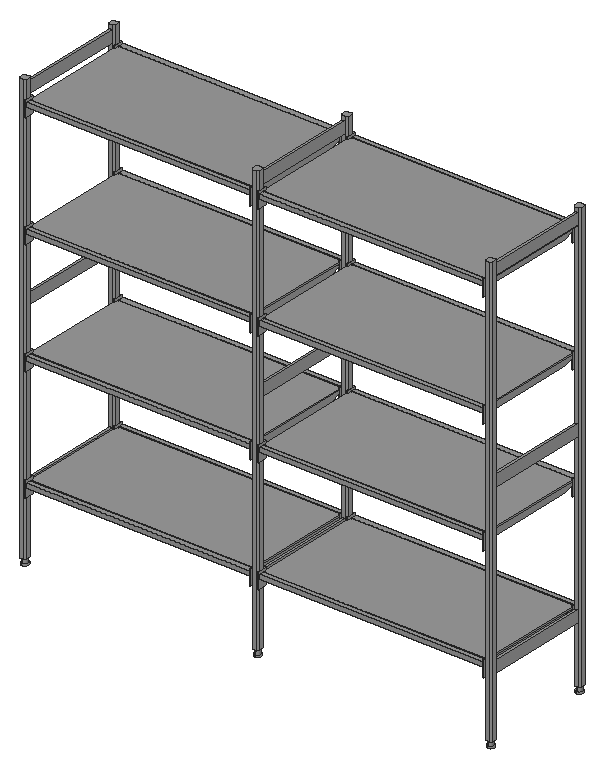
Revit family "QF_ZANUSSI_137042_BLS1872", category Attrezzature speciali, Revit 2020
Family settings
  Quota connettore circolare = Usa diametro
  Tipo di parte = Normale
  Basato su piano di lavoro = No
  Sempre verticale = Sì
  Taglio con vuoti quando caricato = No
  Condiviso = No
  Punto di calcolo locali = No
Parameters (values of type "Standard")
  Weight = 36.00 kg
  Watts = 0 W
  Volts = 0 V
  URL Manufacturer = "http://www.zanussiprofessional.com"
  URL = "http://www.zanussiprofessional.com"
  Steam Supply Size = 0 mm
  Steam Supply Minimum Pressure = 0.0 Pa
  Steam Supply Maximum Pressure = 0.0 Pa
  Steam Consumption per Hour = 0
  Refrigeration Suction Line Size = 0.0 mm
  Refrigeration Liquid Line Size = 0.0 mm
  Refrigerant Compressor Remote = yes
  Prospetto di default = 0.0 mm
  Phase = 0
  Modello = "BLS1872"
  Produttore = "Zanussi"
  Length Actual = 1872.0 mm  # constant formula
  Item Number = "137042"
  Hot Water Size = 0 mm
  Height Actual = 1700.0 mm  # constant formula
  HP = "0 HP"
  Gas Size = 0 mm
  Gas KW = 0
  Gas Input Pressure = 0 W
  Direct Waste Size = 0 mm
  Descrizione = "ALUM.LINEAR SHELV.-POLY.TIERS-475X1872MM"
  Depth Actual = 475.0 mm  # constant formula
  Cycle = 0 Hz
  Condensate Return Size = 0 mm
  Compressed Air Volume = 0.0 L/s
  Compressed Air Size = 0 mm
  Compressed Air Pressure = 0.0 Pa
  Cold Water Size = 0 mm
  Accessory = yes
Reference planes
  plane 1: z = 0
  plane 2 "CenterLeft": x = -31
  plane 3 "LEFT": x = -417
  plane 4 "BACK": y = 23
  plane 5 "FRONT": y = -452
  plane 6 "TOP": z = 1700
  plane 7: x = -385
  plane 8: x = 501
  plane 9 "Center (Front/Back)": y = -214.5
  plane 10: y = -8.5
  plane 11: y = -420.5
  plane 12 "FEET": z = 25
  plane 13: z = 275
  plane 14: z = 725
  plane 15: z = 1175
  plane 16: z = 1625
  plane 17 "CXLeft": x = -403
  plane 18 "Center (Left/Right)": x = 519
  plane 19: y = 5.5
  plane 20 "CYBack": y = 5.5
  plane 21 "CYFront": y = -434.5
  plane 22 "RIGHT": x = 1455
  plane 23: x = 1423
  plane 24 "CXRight": x = 1441
  plane 25: x = 537
Forms (mm)
  Extrusion 1, solid, material "QF_Aluminum"
    sketch origin (-417, 0, -4.006) x (0, 1, 0) y (0, 0, 1)
      loop
        line (-12, 1637.003) -> (4, 1637.003) -> (4, 1655) -> (2.007, 1655) -> (2.007, 1648.501) -> (-431, 1648.501) -> (-431, 1655) -> (-433, 1655) -> (-433, 1637.003) -> (-417, 1637.003) -> (-383, 1625) -> (-46, 1625) -> (-12, 1637.003)
      loop
        line (-12, 1187.003) -> (4, 1187.003) -> (4, 1205) -> (2.007, 1205) -> (2.007, 1198.501) -> (-431, 1198.501) -> (-431, 1205) -> (-433, 1205) -> (-433, 1187.003) -> (-417, 1187.003) -> (-383, 1175) -> (-46, 1175) -> (-12, 1187.003)
      loop
        line (-12, 737.003) -> (4, 737.003) -> (4, 755) -> (2.007, 755) -> (2.007, 748.501) -> (-431, 748.501) -> (-431, 755) -> (-433, 755) -> (-433, 737.003) -> (-417, 737.003) -> (-383, 725) -> (-46, 725) -> (-12, 737.003)
      loop
        line (-12, 287.003) -> (4, 287.003) -> (4, 305) -> (2.007, 305) -> (2.007, 298.501) -> (-431, 298.501) -> (-431, 305) -> (-433, 305) -> (-433, 287.003) -> (-417, 287.003) -> (-383, 275) -> (-46, 275) -> (-12, 287.003)
    from 37 to 32
  Extrusion 2, solid, material "QF_Aluminum"
    sketch origin (-417, 0, 0) x (0, 1, 0) y (0, 0, 1)
      loop
        line (23, 246.005) -> (23, 307.993) -> (-12.993, 307.993) -> (-12.993, 246.005) -> (23, 246.005)
      loop
        line (-452, 246.005) -> (-416.007, 246.005) -> (-416.007, 307.993) -> (-452, 307.993) -> (-452, 246.005)
      loop
        line (23, 696.005) -> (23, 757.993) -> (-12.993, 757.993) -> (-12.993, 696.005) -> (23, 696.005)
      loop
        line (-452, 696.005) -> (-416.007, 696.005) -> (-416.007, 757.993) -> (-452, 757.993) -> (-452, 696.005)
      loop
        line (23, 1146.005) -> (23, 1207.993) -> (-12.993, 1207.993) -> (-12.993, 1146.005) -> (23, 1146.005)
      loop
        line (-452, 1146.005) -> (-416.007, 1146.005) -> (-416.007, 1207.993) -> (-452, 1207.993) -> (-452, 1146.005)
      loop
        line (23, 1596.005) -> (23, 1657.993) -> (-12.993, 1657.993) -> (-12.993, 1596.005) -> (23, 1596.005)
      loop
        line (-452, 1596.005) -> (-416.007, 1596.005) -> (-416.007, 1657.993) -> (-452, 1657.993) -> (-452, 1596.005)
    from 28 to 32
  Extrusion 3, solid, material "QF_Aluminum"
    sketch origin (-417, 0, 0) x (0, 1, 0) y (0, 0, 1)
      loop
        line (4, 1650.994) -> (4, 1632.998) -> (23, 1632.998) -> (23, 1650.994) -> (4, 1650.994)
      loop
        line (-433, 1650.994) -> (-452, 1650.994) -> (-452, 1632.998) -> (-433, 1632.998) -> (-433, 1650.994)
      loop
        line (4, 1200.994) -> (4, 1182.998) -> (23, 1182.998) -> (23, 1200.994) -> (4, 1200.994)
      loop
        line (-433, 1200.994) -> (-452, 1200.994) -> (-452, 1182.998) -> (-433, 1182.998) -> (-433, 1200.994)
      loop
        line (4, 750.994) -> (4, 732.998) -> (23, 732.998) -> (23, 750.994) -> (4, 750.994)
      loop
        line (-433, 750.994) -> (-452, 750.994) -> (-452, 732.998) -> (-433, 732.998) -> (-433, 750.994)
      loop
        line (4, 300.994) -> (4, 282.998) -> (23, 282.998) -> (23, 300.994) -> (4, 300.994)
      loop
        line (-433, 300.994) -> (-452, 300.994) -> (-452, 282.998) -> (-433, 282.998) -> (-433, 300.994)
    from 32 to 918
  Extrusion 4, solid, material "QF_Polyethylene"
    sketch origin (-417, 0, 0) x (0, 1, 0) y (0, 0, 1)
      loop
        line (2.007, 1650.994) -> (-431, 1650.994) -> (-431, 1644.496) -> (2.007, 1644.496) -> (2.007, 1650.994)
      loop
        line (2.007, 1200.994) -> (-431, 1200.994) -> (-431, 1194.496) -> (2.007, 1194.496) -> (2.007, 1200.994)
      loop
        line (2.007, 750.994) -> (-431, 750.994) -> (-431, 744.496) -> (2.007, 744.496) -> (2.007, 750.994)
      loop
        line (2.007, 300.994) -> (-431, 300.994) -> (-431, 294.496) -> (2.007, 294.496) -> (2.007, 300.994)
    from 32 to 918
  Extrusion 5, solid, material "QF_Aluminum"
    sketch origin (1455, 0, 0) x (0, 1, 0) y (0, 0, 1)
      loop
        line (4, 1650.994) -> (4, 1632.998) -> (23, 1632.998) -> (23, 1650.994) -> (4, 1650.994)
      loop
        line (-433, 1650.994) -> (-452, 1650.994) -> (-452, 1632.998) -> (-433, 1632.998) -> (-433, 1650.994)
      loop
        line (4, 1200.994) -> (4, 1182.998) -> (23, 1182.998) -> (23, 1200.994) -> (4, 1200.994)
      loop
        line (-433, 1200.994) -> (-452, 1200.994) -> (-452, 1182.998) -> (-433, 1182.998) -> (-433, 1200.994)
      loop
        line (4, 750.994) -> (4, 732.998) -> (23, 732.998) -> (23, 750.994) -> (4, 750.994)
      loop
        line (-433, 750.994) -> (-452, 750.994) -> (-452, 732.998) -> (-433, 732.998) -> (-433, 750.994)
      loop
        line (4, 300.994) -> (4, 282.998) -> (23, 282.998) -> (23, 300.994) -> (4, 300.994)
      loop
        line (-433, 300.994) -> (-452, 300.994) -> (-452, 282.998) -> (-433, 282.998) -> (-433, 300.994)
    from -32 to -918
  Extrusion 6, solid, material "QF_Polyethylene"
    sketch origin (1455, 0, 0) x (0, 1, 0) y (0, 0, 1)
      loop
        line (2.007, 1650.994) -> (-431, 1650.994) -> (-431, 1644.496) -> (2.007, 1644.496) -> (2.007, 1650.994)
      loop
        line (2.007, 1200.994) -> (-431, 1200.994) -> (-431, 1194.496) -> (2.007, 1194.496) -> (2.007, 1200.994)
      loop
        line (2.007, 750.994) -> (-431, 750.994) -> (-431, 744.496) -> (2.007, 744.496) -> (2.007, 750.994)
      loop
        line (2.007, 300.994) -> (-431, 300.994) -> (-431, 294.496) -> (2.007, 294.496) -> (2.007, 300.994)
    from -32 to -918
Lines and regions (mm)
  symbolic lines
    curve 1: line (501, 4, 1700) -> (-385, 4, 1700)
    curve 2: line (-408, -8.5, 1700) -> (-408, -420.5, 1700)
    curve 3: line (-398, -420.5, 1700) -> (-398, -8.5, 1700)
    curve 4: line (-389, 23, 1700) -> (505, 23, 1700)
    curve 5: line (-385, -452, 1700) -> (501, -452, 1700)
    curve 6: line (533, 23, 1700) -> (1427, 23, 1700)
    curve 7: line (533, -452, 1700) -> (1427, -452, 1700)
    curve 8: line (-385, -433, 1700) -> (501, -433, 1700)
    curve 9: line (537, -433, 1700) -> (1423, -433, 1700)
    curve 10: line (537, 4, 1700) -> (1423, 4, 1700)
    curve 11: line (1423, -12.993, 1700) -> (1423, -416.007, 1700)
    curve 12: line (501, -12.993, 1700) -> (501, -416.007, 1700)
    curve 13: line (537, -416.007, 1700) -> (537, -12.993, 1700)
    curve 14: line (-385, -12.993, 1700) -> (-385, -416.007, 1700)
Dimensions and locks
  plane 3 "LEFT" to plane 2 "CenterLeft" = 386.0 mm
  locked: plane 6 "TOP" to level at 1700
  locked: plane 4 "BACK" to plane 5 "FRONT" at 475
  locked: plane 7 to plane 8 at 886
  locked: plane 10 to plane 11 at 412
  equal spacing: plane 10, plane 9 "Center (Front/Back)", plane 11
  equal spacing: plane 4 "BACK", plane 9 "Center (Front/Back)", plane 5 "FRONT"
  plane 12 "FEET" to level = 25.0 mm
  plane 6 "TOP" to plane 12 "FEET" = 1675.0 mm
  plane 13 to plane 12 "FEET" = 250.0 mm
  plane 14 to plane 13 = 450.0 mm
  plane 15 to plane 14 = 450.0 mm
  plane 16 to plane 15 = 450.0 mm
  locked: plane 4 "BACK" to plane 20 "CYBack" at 17.5
  locked: plane 21 "CYFront" to plane 5 "FRONT" at 17.5
  locked: plane 4 "BACK" to Extrusion 1 at 19
  locked: Extrusion 1 to plane 5 "FRONT" at 19
  Extrusion 1 sketch curve to plane 21 "CYFront" = 3.5 mm
  plane 3 "LEFT" to plane 22 "RIGHT" = 1872.0 mm
  locked: plane 25 to plane 23 at 886
  locked: plane 8 to plane 18 "Center (Left/Right)" at 18
  locked: plane 18 "Center (Left/Right)" to plane 25 at 18
  locked: plane 3 "LEFT" to plane 7 at 32
  locked: plane 24 "CXRight" to plane 22 "RIGHT" at 14
  aligned and locked: level to plane 1
  aligned and locked: plane 7 to Extrusion 1
  aligned and locked: Extrusion 2 to plane 7
  aligned and locked: plane 7 to Extrusion 4
  aligned and locked: Extrusion 4 to plane 8
  aligned and locked: plane 7 to Extrusion 3
  aligned and locked: Extrusion 3 to plane 8
  aligned and locked: Extrusion 3 sketch curve to Extrusion 1
  aligned and locked: Extrusion 1 to Extrusion 3 sketch curve
  aligned and locked: Extrusion 3 sketch curve to Extrusion 3 sketch curve  (x2)
  aligned and locked: Extrusion 1 sketch curve to Extrusion 1 sketch curve  (x3)
  aligned and locked: Extrusion 4 sketch curve to Extrusion 1  (x4)
  aligned and locked: Extrusion 5 sketch curve to Extrusion 5 sketch curve  (x2)
  aligned and locked: Extrusion 5 to plane 25
  aligned and locked: Extrusion 6 to plane 25
  aligned and locked: nested 3 to plane 18 "Center (Left/Right)"
  aligned and locked: nested 1 to plane 17 "CXLeft"
  aligned and locked: Extrusion 3 to plane 7  (x3)
  aligned and locked: plane 8 to Extrusion 3  (x4)
  aligned and locked: plane 25 to Extrusion 5  (x4)
  aligned and locked: plane 25 to Extrusion 6  (x4)
  aligned and locked: plane 8 to Extrusion 4  (x4)
  aligned and locked: nested 2 to plane 24 "CXRight"
  aligned and locked: Extrusion 5 to plane 23
  aligned and locked: Extrusion 6 to plane 23
  aligned and locked: plane 23 to Extrusion 5  (x3)
  aligned and locked: plane 23 to Extrusion 6  (x3)
Automatic sketch dimensions
  plane 21 "CYFront" to Extrusion 1 sketch curve = 1.5 mm  (x4)
  plane 11 to Extrusion 1 sketch curve = 3.5 mm  (x4)
  Extrusion 1 sketch curve to plane 13 = 4.006 mm
  Extrusion 1 sketch curve to Extrusion 1 sketch curve = 34.0 mm  (x4)
  Extrusion 1 sketch curve to plane 14 = 4.006 mm
  Extrusion 1 sketch curve to plane 15 = 4.006 mm
  Extrusion 1 sketch curve to plane 16 = 4.006 mm
  Extrusion 1 sketch curve to plane 10 = 37.5 mm  (x4)
  Extrusion 1 sketch curve to plane 10 = 3.5 mm  (x4)
  plane 19 to Extrusion 1 sketch curve = 3.493 mm  (x4)
  plane 19 to Extrusion 1 sketch curve = 1.5 mm  (x4)
  plane 13 to Extrusion 1 sketch curve = 7.998 mm  (x2)
  Extrusion 1 sketch curve to Extrusion 1 sketch curve = 11.498 mm  (x4)
  Extrusion 1 sketch curve to Extrusion 1 sketch curve = 6.499 mm  (x8)
  plane 14 to Extrusion 1 sketch curve = 7.998 mm  (x2)
  plane 15 to Extrusion 1 sketch curve = 7.998 mm  (x2)
  plane 16 to Extrusion 1 sketch curve = 7.998 mm  (x2)
  Extrusion 2 sketch curve to plane 5 "FRONT" = 0.0 mm  (x4)
  Extrusion 2 sketch curve to plane 4 "BACK" = 0.0 mm  (x4)
  plane 11 to Extrusion 2 sketch curve = 4.493 mm  (x4)
  Extrusion 2 sketch curve to plane 10 = 4.493 mm  (x4)
  Extrusion 2 sketch curve to plane 13 = 28.995 mm  (x2)
  plane 13 to Extrusion 2 sketch curve = 32.993 mm  (x2)
  Extrusion 2 sketch curve to plane 14 = 28.995 mm  (x2)
  plane 14 to Extrusion 2 sketch curve = 32.993 mm  (x2)
  Extrusion 2 sketch curve to plane 15 = 28.995 mm  (x2)
  plane 15 to Extrusion 2 sketch curve = 32.993 mm  (x2)
  Extrusion 2 sketch curve to plane 16 = 28.995 mm  (x2)
  plane 16 to Extrusion 2 sketch curve = 32.993 mm  (x2)
  Extrusion 3 sketch curve to plane 5 "FRONT" = 0.0 mm  (x4)
  Extrusion 3 sketch curve to plane 4 "BACK" = 0.0 mm  (x4)
  plane 19 to Extrusion 3 sketch curve = 1.5 mm  (x4)
  plane 13 to Extrusion 3 sketch curve = 7.998 mm  (x2)
  Extrusion 3 sketch curve to Extrusion 3 sketch curve = 17.997 mm  (x8)
  plane 14 to Extrusion 3 sketch curve = 7.998 mm  (x2)
  plane 15 to Extrusion 3 sketch curve = 7.998 mm  (x2)
  plane 16 to Extrusion 3 sketch curve = 7.998 mm  (x2)
  plane 19 to Extrusion 4 sketch curve = 3.493 mm  (x4)
  plane 13 to Extrusion 4 sketch curve = 19.496 mm
  Extrusion 4 sketch curve to Extrusion 4 sketch curve = 6.499 mm  (x4)
  plane 14 to Extrusion 4 sketch curve = 19.496 mm
  plane 15 to Extrusion 4 sketch curve = 19.496 mm
  plane 16 to Extrusion 4 sketch curve = 19.496 mm
  Extrusion 5 sketch curve to plane 5 "FRONT" = 0.0 mm  (x4)
  Extrusion 5 sketch curve to plane 4 "BACK" = 0.0 mm  (x4)
  plane 21 "CYFront" to Extrusion 5 sketch curve = 1.5 mm  (x2)
  plane 19 to Extrusion 5 sketch curve = 1.5 mm  (x4)
  plane 13 to Extrusion 5 sketch curve = 7.998 mm  (x2)
  Extrusion 5 sketch curve to Extrusion 5 sketch curve = 17.997 mm  (x8)
  plane 14 to Extrusion 5 sketch curve = 7.998 mm  (x2)
  plane 15 to Extrusion 5 sketch curve = 7.998 mm  (x2)
  plane 16 to Extrusion 5 sketch curve = 7.998 mm  (x2)
  plane 21 "CYFront" to Extrusion 6 sketch curve = 3.5 mm  (x4)
  plane 19 to Extrusion 6 sketch curve = 3.493 mm  (x4)
  plane 13 to Extrusion 6 sketch curve = 19.496 mm
  Extrusion 6 sketch curve to Extrusion 6 sketch curve = 6.499 mm  (x4)
  plane 14 to Extrusion 6 sketch curve = 19.496 mm
  plane 15 to Extrusion 6 sketch curve = 19.496 mm
  plane 16 to Extrusion 6 sketch curve = 19.496 mm
  curve 7 to plane 5 "FRONT" = 0.0 mm
  curve 5 to plane 5 "FRONT" = 0.0 mm
  curve 8 to plane 8 = 0.0 mm
  curve 9 to plane 25 = 0.0 mm
  curve 9 to plane 23 = 0.0 mm
  curve 8 to plane 7 = 0.0 mm
  curve 2 to plane 11 = 0.0 mm
  curve 3 to plane 11 = 0.0 mm
  curve 14 to plane 7 = 0.0 mm
  curve 13 to plane 25 = 0.0 mm
  curve 12 to plane 8 = 0.0 mm
  curve 11 to plane 23 = 0.0 mm
  curve 3 to plane 10 = 0.0 mm
  curve 2 to plane 10 = 0.0 mm
  curve 1 to plane 8 = 0.0 mm
  curve 1 to plane 7 = 0.0 mm
  curve 10 to plane 23 = 0.0 mm
  curve 10 to plane 25 = 0.0 mm
  curve 4 to plane 4 "BACK" = 0.0 mm
  curve 6 to plane 4 "BACK" = 0.0 mm
  curve 5 to plane 8 = 0.0 mm
  curve 5 to plane 7 = 0.0 mm
  plane 21 "CYFront" to curve 8 = 1.5 mm
  plane 21 "CYFront" to curve 9 = 1.5 mm
  plane 11 to curve 14 = 4.493 mm
  plane 11 to curve 13 = 4.493 mm
  plane 11 to curve 12 = 4.493 mm
  plane 11 to curve 11 = 4.493 mm
  curve 14 to plane 10 = 4.493 mm
  curve 13 to plane 10 = 4.493 mm
  curve 12 to plane 10 = 4.493 mm
  curve 11 to plane 10 = 4.493 mm
  plane 19 to curve 1 = 1.5 mm
  plane 19 to curve 10 = 1.5 mm
  curve 6 to plane 23 = 4.0 mm
  curve 7 to plane 23 = 4.0 mm
  curve 6 to plane 25 = 4.0 mm
  curve 7 to plane 25 = 4.0 mm
  curve 4 to plane 8 = 4.0 mm
  plane 7 to curve 4 = 4.0 mm
  plane 17 "CXLeft" to curve 3 = 5.0 mm
  curve 2 to plane 17 "CXLeft" = 5.0 mm
Nested families
  nested 1: "WT_Anta475" at (0, 0, 0), type "WT_Anta475"
  nested 2: "WT_Anta475" at (1038, 0, 0) x (-1, 0, 0) z (0, 0, 1), type "WT_Anta475"
  nested 3: "WT_Anta475Center" at (922, 0, 0), type "WT_Anta475Center"
Definition of nested family "WT_Anta475"
  Parameters
    WidthLeft = A + 64.0 mm  # 772.0 mm
    Width = 1606.0 mm
    Right = WidthLeft / 2  # 386.0 mm
    Default Elevation = 0.0 mm
    Left = -WidthLeft / 2  # -386.0 mm
    Height = 1725.0 mm
    FEET = 25.0 mm
    E = 0.0 mm
    Dint = Depth - 63.0 mm  # 412.0 mm
    Dext = Depth - 8.0 mm  # 467.0 mm
    Depth = 475.0 mm
    DX = (WidthLeft - A) / 2  # 32.0 mm
    B = 798.0 mm
    A = 708.0 mm
  Reference planes
    plane 1: z = 0
    plane 2 "LEFT": x = -417
    plane 3 "BACK": y = 23
    plane 4 "FRONT": y = -452
    plane 5 "TOP": z = 1725
    plane 6 "Center (Front/Back)": y = -214.5
    plane 7: y = -8.5
    plane 8: y = -420.5
    plane 9 "FEET": z = 25
    plane 10: z = 275
    plane 11: z = 725
    plane 12: z = 1175
    plane 13: z = 1625
    plane 14 "CXLeft": x = -403
    plane 15: y = 5.5
    plane 16 "CYBack": y = 5.5
    plane 17 "CYFront": y = -434.5
    plane 18: x = -385.031
    plane 19: x = -380.031
  Forms (mm)
    Extrusion 1, solid
      sketch origin (0, 0, 0) x (1, 0, 0) y (0, 1, 0)
        loop
          line (-417, 13.246) -> (-417, -2.246) -> (-410.746, -8.5) -> (-395.254, -8.5) -> (-389, -2.246) -> (-389, 13.246) -> (-395.254, 19.5) -> (-410.746, 19.5) -> (-417, 13.246)
      from 1725 to 25
    Extrusion 2, solid
      sketch origin (-417, 0, 0) x (0, 1, 0) y (0, 0, 1)
        loop
          line (23, 246.005) -> (23, 307.993) -> (-12.993, 307.993) -> (-12.993, 246.005) -> (23, 246.005)
        loop
          line (-452, 246.005) -> (-416.007, 246.005) -> (-416.007, 307.993) -> (-452, 307.993) -> (-452, 246.005)
        loop
          line (23, 696.005) -> (23, 757.993) -> (-12.993, 757.993) -> (-12.993, 696.005) -> (23, 696.005)
        loop
          line (-452, 696.005) -> (-416.007, 696.005) -> (-416.007, 757.993) -> (-452, 757.993) -> (-452, 696.005)
        loop
          line (23, 1146.005) -> (23, 1207.993) -> (-12.993, 1207.993) -> (-12.993, 1146.005) -> (23, 1146.005)
        loop
          line (-452, 1146.005) -> (-416.007, 1146.005) -> (-416.007, 1207.993) -> (-452, 1207.993) -> (-452, 1146.005)
        loop
          line (23, 1596.005) -> (23, 1657.993) -> (-12.993, 1657.993) -> (-12.993, 1596.005) -> (23, 1596.005)
        loop
          line (-452, 1596.005) -> (-416.007, 1596.005) -> (-416.007, 1657.993) -> (-452, 1657.993) -> (-452, 1596.005)
      from 28 to 32
    Revolve 3, solid
      sketch origin (-403, 0, 0) x (0, 1, 0) y (0, 0, 1)
        loop
          line (5.5, 25) -> (5.5, 0) -> (19, 0) -> (19, 5) -> (14, 5) -> (14, 25) -> (5.5, 25)
        axis (5.5, 25) -> (5.5, 0)
      angle from 0 to 360
    Extrusion 4, solid
      sketch origin (-403, 0, 0) x (0, 1, 0) y (0, 0, 1)
        loop
          line (-8.5, 912.382) -> (-8.5, 957.374) -> (-420.5, 957.374) -> (-420.5, 912.382) -> (-8.5, 912.382)
        loop
          line (-8.5, 1662.244) -> (-8.5, 1707.236) -> (-420.5, 1707.236) -> (-420.5, 1662.244) -> (-8.5, 1662.244)
      from -5 to 5
    Revolve 5, solid
      sketch origin (-403, -627, 0) x (0, -1, 0) y (0, 0, 1)
        loop
          line (-192.5, 25) -> (-192.5, 0) -> (-179, 0) -> (-179, 5) -> (-184, 5) -> (-184, 25) -> (-192.5, 25)
        axis (-192.5, 25) -> (-192.5, 0)
      angle from 0 to 360
    Extrusion 6, solid
      sketch origin (0, -627, 0) x (1, 0, 0) y (0, 1, 0)
        loop
          line (-417, 184.754) -> (-410.746, 178.5) -> (-395.254, 178.5) -> (-389, 184.754) -> (-389, 200.246) -> (-395.254, 206.5) -> (-410.746, 206.5) -> (-417, 200.246) -> (-417, 184.754)
      from 1725 to 25
    Extrusion 7, solid
      sketch origin (-417.031, -0.022, 0) x (0, 1, 0) y (0, 0, -1)
        loop
          line (-12, -1632.998) -> (-46, -1620.994) -> (-383, -1620.994) -> (-417, -1632.998) -> (-433, -1632.998) -> (-433, -1650.994) -> (-431, -1650.994) -> (-431, -1644.496) -> (2.007, -1644.496) -> (2.007, -1650.994) -> (4, -1650.994) -> (4, -1632.998) -> (-12, -1632.998)
        loop
          line (-12, -1182.998) -> (-46, -1170.994) -> (-383, -1170.994) -> (-417, -1182.998) -> (-433, -1182.998) -> (-433, -1200.994) -> (-431, -1200.994) -> (-431, -1194.496) -> (2.007, -1194.496) -> (2.007, -1200.994) -> (4, -1200.994) -> (4, -1182.998) -> (-12, -1182.998)
        loop
          line (-12, -732.998) -> (-46, -720.994) -> (-383, -720.994) -> (-417, -732.998) -> (-433, -732.998) -> (-433, -750.994) -> (-431, -750.994) -> (-431, -744.496) -> (2.007, -744.496) -> (2.007, -750.994) -> (4, -750.994) -> (4, -732.998) -> (-12, -732.998)
        loop
          line (-12, -282.998) -> (-46, -270.994) -> (-383, -270.994) -> (-417, -282.998) -> (-433, -282.998) -> (-433, -300.994) -> (-431, -300.994) -> (-431, -294.496) -> (2.007, -294.496) -> (2.007, -300.994) -> (4, -300.994) -> (4, -282.998) -> (-12, -282.998)
      from -32 to -37
    Extrusion 8, solid
      sketch origin (-403, 0, -659.878) x (0, 1, 0) y (0, 0, 1)
        loop
          line (-8.5, 912.382) -> (-8.5, 957.374) -> (-420.5, 957.374) -> (-420.5, 912.382) -> (-8.5, 912.382)
        loop
          line (-8.5, 1572.382) -> (-8.5, 1617.374) -> (-420.5, 1617.374) -> (-420.5, 1572.382) -> (-8.5, 1572.382)
        loop
          line (-8.5, 2322.382) -> (-8.5, 2367.374) -> (-420.5, 2367.374) -> (-420.5, 2322.382) -> (-8.5, 2322.382)
      from -5 to 5
  Lines and regions (mm)
    symbolic lines
      curve 1: line (-408, -8.5, 1725) -> (-408, -420.5, 1725)
      curve 2: line (-398, -420.5, 1725) -> (-398, -8.5, 1725)
      curve 3: line (-395.254, -8.5, 1725) -> (-410.746, -8.5, 1725)
      curve 4: line (-417, -2.246, 1725) -> (-410.746, -8.5, 1725)
      curve 5: line (-417, 13.246, 1725) -> (-417, -2.246, 1725)
      curve 6: line (-410.746, 19.5, 1725) -> (-417, 13.246, 1725)
      curve 7: line (-395.254, 19.5, 1725) -> (-410.746, 19.5, 1725)
      curve 8: line (-389, 13.246, 1725) -> (-395.254, 19.5, 1725)
      curve 9: line (-395.254, -8.5, 1725) -> (-389, -2.246, 1725)
      curve 10: line (-395.254, -420.5, 1725) -> (-410.746, -420.5, 1725)
      curve 11: line (-417, -426.754, 1725) -> (-410.746, -420.5, 1725)
      curve 12: line (-410.746, -448.5, 1725) -> (-417, -442.246, 1725)
      curve 13: line (-395.254, -448.5, 1725) -> (-410.746, -448.5, 1725)
      curve 14: line (-389, -442.246, 1725) -> (-395.254, -448.5, 1725)
      curve 15: line (-395.254, -420.5, 1725) -> (-389, -426.754, 1725)
      curve 16: line (-389, -452, 1725) -> (-389, -416.007, 1725)
      curve 17: line (-389, -416.007, 1725) -> (-385, -416.007, 1725)
      curve 18: line (-389, 23, 1725) -> (-389, -12.993, 1725)
      curve 19: line (-389, -12.993, 1725) -> (-385, -12.993, 1725)
      curve 20: line (-417, -426.754, 1725) -> (-417, -442.246, 1725)
      curve 21: line (-385, -452, 1725) -> (-385, -416.007, 1725)
      curve 22: line (-385, -452, 1725) -> (-389, -452, 1725)
      curve 23: line (-385, 23, 1725) -> (-389, 23, 1725)
      curve 24: line (-385, -12.993, 1725) -> (-385, 23, 1725)
      curve 25: line (-385.031, -13.016, 1725) -> (-385.031, -416.029, 1725)
  Dimensions and locks
    "Height": plane 5 "TOP" to level
    "Depth": plane 3 "BACK" to plane 4 "FRONT"
    "Dint": plane 7 to plane 8
    equal spacing: plane 7, plane 6 "Center (Front/Back)", plane 8
    equal spacing: plane 3 "BACK", plane 6 "Center (Front/Back)", plane 4 "FRONT"
    plane 9 "FEET" to level = 25.0 mm
    plane 5 "TOP" to plane 9 "FEET" = 1700.0 mm
    plane 10 to plane 9 "FEET" = 250.0 mm
    plane 11 to plane 10 = 450.0 mm
    plane 12 to plane 11 = 450.0 mm
    plane 13 to plane 12 = 450.0 mm
    locked: plane 2 "LEFT" to plane 14 "CXLeft" at 14
    locked: plane 3 "BACK" to plane 16 "CYBack" at 17.5
    locked: plane 17 "CYFront" to plane 4 "FRONT" at 17.5
    locked: Revolve 3 sketch curve to Revolve 3 sketch curve at 8.5
    locked: Revolve 3 sketch curve to plane 16 "CYBack" at 13.5
    locked: Revolve 5 sketch curve to Revolve 5 sketch curve at 8.5
    aligned and locked: level to plane 1
    aligned and locked: curve 20 to Extrusion 6
    aligned and locked: plane 5 "TOP" to Extrusion 1
    aligned and locked: plane 5 "TOP" to Extrusion 6
    aligned and locked: Extrusion 7 sketch curve to Extrusion 7 sketch curve  (x3)
  Automatic sketch dimensions
    curve 16 to plane 4 "FRONT" = 0.0 mm
    curve 11 to plane 8 = 0.0 mm
    curve 9 to plane 7 = 0.0 mm
    curve 5 to plane 2 "LEFT" = 0.0 mm
    curve 23 to plane 3 "BACK" = 0.0 mm
    plane 4 "FRONT" to curve 13 = 3.5 mm
    curve 20 to plane 17 "CYFront" = 7.746 mm
    curve 20 to plane 8 = 6.254 mm
    plane 8 to curve 16 = 4.493 mm
    curve 24 to plane 18 = 0.031 mm
    curve 24 to plane 7 = 4.493 mm
    plane 7 to curve 5 = 6.254 mm
    curve 5 to plane 15 = 7.746 mm
    curve 6 to plane 3 "BACK" = 3.5 mm
    curve 21 to plane 18 = 0.031 mm
    plane 18 to curve 23 = 3.969 mm
    plane 18 to curve 16 = 3.969 mm
    curve 18 to curve 8 = 6.254 mm
    curve 18 to curve 3 = 6.254 mm
    curve 16 to curve 13 = 6.254 mm
    curve 16 to curve 15 = 6.254 mm
    plane 2 "LEFT" to curve 10 = 6.254 mm
    plane 2 "LEFT" to curve 7 = 6.254 mm
    plane 2 "LEFT" to curve 12 = 6.254 mm
    plane 2 "LEFT" to curve 3 = 6.254 mm
    curve 14 to plane 17 "CYFront" = 7.746 mm
    curve 15 to plane 8 = 6.254 mm
    plane 7 to curve 9 = 6.254 mm
    curve 8 to plane 15 = 7.746 mm
    curve 3 to curve 2 = 2.746 mm
    curve 1 to curve 10 = 2.746 mm
    Extrusion 1 sketch curve to plane 2 "LEFT" = 0.0 mm
    Extrusion 1 sketch curve to plane 7 = 0.0 mm
    plane 2 "LEFT" to Extrusion 1 sketch curve = 6.254 mm  (x2)
    plane 14 "CXLeft" to Extrusion 1 sketch curve = 7.746 mm  (x2)
    Extrusion 1 sketch curve to plane 3 "BACK" = 3.5 mm
    plane 18 to Extrusion 1 sketch curve = 3.969 mm
    plane 7 to Extrusion 1 sketch curve = 6.254 mm  (x2)
    Extrusion 1 sketch curve to plane 15 = 7.746 mm  (x2)
    Extrusion 2 sketch curve to plane 4 "FRONT" = 0.0 mm  (x4)
    Extrusion 2 sketch curve to plane 3 "BACK" = 0.0 mm  (x4)
    plane 8 to Extrusion 2 sketch curve = 4.493 mm  (x4)
    Extrusion 2 sketch curve to plane 7 = 4.493 mm  (x4)
    Extrusion 2 sketch curve to plane 10 = 28.995 mm  (x2)
    plane 10 to Extrusion 2 sketch curve = 32.993 mm  (x2)
    Extrusion 2 sketch curve to plane 11 = 28.995 mm  (x2)
    plane 11 to Extrusion 2 sketch curve = 32.993 mm  (x2)
    Extrusion 2 sketch curve to plane 12 = 28.995 mm  (x2)
    plane 12 to Extrusion 2 sketch curve = 32.993 mm  (x2)
    Extrusion 2 sketch curve to plane 13 = 28.995 mm  (x2)
    plane 13 to Extrusion 2 sketch curve = 32.993 mm  (x2)
    Revolve 3 sketch curve to plane 9 "FEET" = 0.0 mm  (x2)
    Revolve 3 sketch curve to plane 15 = 0.0 mm  (x2)
    Revolve 3 sketch curve to level = 0.0 mm
    level to Revolve 3 sketch curve = 5.0 mm
    Revolve 3 sketch curve to Revolve 3 sketch curve = 11.655 mm
    Extrusion 4 sketch curve to plane 8 = 0.0 mm  (x2)
    Extrusion 4 sketch curve to plane 7 = 0.0 mm  (x2)
    plane 11 to Extrusion 4 sketch curve = 187.382 mm
    Extrusion 4 sketch curve to Extrusion 4 sketch curve = 44.992 mm
    plane 13 to Extrusion 4 sketch curve = 37.244 mm
    Extrusion 4 sketch curve to plane 5 "TOP" = 17.764 mm
    Revolve 5 sketch curve to plane 9 "FEET" = 0.0 mm  (x2)
    Revolve 5 sketch curve to plane 17 "CYFront" = 0.0 mm  (x2)
    Revolve 5 sketch curve to level = 0.0 mm
    Revolve 5 sketch curve to plane 4 "FRONT" = 4.0 mm
    Revolve 5 sketch curve to Revolve 5 sketch curve = 5.0 mm
    level to Revolve 5 sketch curve = 11.655 mm
    Extrusion 6 sketch curve to plane 2 "LEFT" = 0.0 mm
    Extrusion 6 sketch curve to plane 8 = 0.0 mm
    Extrusion 6 sketch curve to plane 2 "LEFT" = 6.254 mm  (x2)
    Extrusion 6 sketch curve to plane 14 "CXLeft" = 7.746 mm  (x2)
    Extrusion 6 sketch curve to plane 4 "FRONT" = 3.5 mm
    Extrusion 6 sketch curve to plane 18 = 3.969 mm
    plane 8 to Extrusion 6 sketch curve = 6.254 mm  (x2)
    plane 17 "CYFront" to Extrusion 6 sketch curve = 7.746 mm  (x2)
    plane 17 "CYFront" to Extrusion 7 sketch curve = 1.478 mm  (x4)
    Extrusion 7 sketch curve to Extrusion 7 sketch curve = 2.0 mm
    plane 8 to Extrusion 7 sketch curve = 3.478 mm  (x4)
    Extrusion 7 sketch curve to plane 10 = 4.006 mm
    Extrusion 7 sketch curve to Extrusion 7 sketch curve = 34.0 mm  (x4)
    Extrusion 7 sketch curve to plane 11 = 4.006 mm
    Extrusion 7 sketch curve to plane 12 = 4.006 mm
    Extrusion 7 sketch curve to plane 13 = 4.006 mm
    Extrusion 7 sketch curve to plane 7 = 37.522 mm  (x4)
    Extrusion 7 sketch curve to plane 7 = 3.522 mm  (x4)
    plane 15 to Extrusion 7 sketch curve = 3.516 mm  (x4)
    plane 15 to Extrusion 7 sketch curve = 1.522 mm  (x4)
    plane 13 to Extrusion 7 sketch curve = 7.998 mm  (x2)
    Extrusion 7 sketch curve to Extrusion 7 sketch curve = 11.498 mm
    Extrusion 7 sketch curve to Extrusion 7 sketch curve = 6.499 mm  (x5)
    plane 12 to Extrusion 7 sketch curve = 25.994 mm  (x2)
    plane 12 to Extrusion 7 sketch curve = 7.998 mm  (x2)
    plane 11 to Extrusion 7 sketch curve = 25.994 mm  (x2)
    plane 11 to Extrusion 7 sketch curve = 7.998 mm  (x2)
    plane 10 to Extrusion 7 sketch curve = 25.994 mm  (x2)
    plane 10 to Extrusion 7 sketch curve = 7.998 mm  (x2)
    curve 25 to plane 18 = 0.0 mm
    plane 8 to curve 25 = 4.471 mm
    curve 25 to plane 7 = 4.516 mm
    Extrusion 8 sketch curve to plane 8 = 0.0 mm  (x3)
    Extrusion 8 sketch curve to plane 7 = 0.0 mm  (x3)
    Extrusion 8 sketch curve to plane 10 = 22.496 mm
    plane 10 to Extrusion 8 sketch curve = 22.496 mm
    plane 11 to Extrusion 8 sketch curve = 187.504 mm
    Extrusion 8 sketch curve to Extrusion 8 sketch curve = 44.992 mm
    plane 13 to Extrusion 8 sketch curve = 37.504 mm
    Extrusion 8 sketch curve to plane 5 "TOP" = 17.504 mm
Definition of nested family "WT_Anta475Center"
  Parameters
    WidthLeft = A + 64.0 mm  # 772.0 mm
    Width = 1606.0 mm
    Right = WidthLeft / 2  # 386.0 mm
    Default Elevation = 0.0 mm
    Left = -WidthLeft / 2  # -386.0 mm
    Height = 1725.0 mm
    FEET = 25.0 mm
    E = 0.0 mm
    Dint = Depth - 63.0 mm  # 412.0 mm
    Dext = Depth - 8.0 mm  # 467.0 mm
    Depth = 475.0 mm
    DX = (WidthLeft - A) / 2  # 32.0 mm
    B = 798.0 mm
    A = 708.0 mm
  Reference planes
    plane 1: z = 0
    plane 2 "L": x = -417
    plane 3 "BACK": y = 23
    plane 4 "FRONT": y = -452
    plane 5 "TOP": z = 1725
    plane 6 "Center (Front/Back)": y = -214.5
    plane 7: y = -8.5
    plane 8: y = -420.5
    plane 9 "FEET": z = 25
    plane 10: z = 275
    plane 11: z = 725
    plane 12: z = 1175
    plane 13: z = 1625
    plane 14 "CXLeft": x = -403
    plane 15: y = 5.5
    plane 16 "CYBack": y = 5.5
    plane 17 "CYFront": y = -434.5
    plane 18: x = -385.031
    plane 19 "RIGHT": x = -380.031
    plane 20: x = -420.969
    plane 21 "LEFT": x = -425.969
  Forms (mm)
    Extrusion 1, solid
      sketch origin (0, 0, 0) x (1, 0, 0) y (0, 1, 0)
        loop
          line (-417, 13.246) -> (-417, -2.246) -> (-410.746, -8.5) -> (-395.254, -8.5) -> (-389, -2.246) -> (-389, 13.246) -> (-395.254, 19.5) -> (-410.746, 19.5) -> (-417, 13.246)
      from 1725 to 25
    Extrusion 2, solid
      sketch origin (-417, 0, 0) x (0, 1, 0) y (0, 0, 1)
        loop
          line (23, 246.005) -> (23, 307.993) -> (-12.993, 307.993) -> (-12.993, 246.005) -> (23, 246.005)
        loop
          line (-452, 246.005) -> (-416.007, 246.005) -> (-416.007, 307.993) -> (-452, 307.993) -> (-452, 246.005)
        loop
          line (23, 696.005) -> (23, 757.993) -> (-12.993, 757.993) -> (-12.993, 696.005) -> (23, 696.005)
        loop
          line (-452, 696.005) -> (-416.007, 696.005) -> (-416.007, 757.993) -> (-452, 757.993) -> (-452, 696.005)
        loop
          line (23, 1146.005) -> (23, 1207.993) -> (-12.993, 1207.993) -> (-12.993, 1146.005) -> (23, 1146.005)
        loop
          line (-452, 1146.005) -> (-416.007, 1146.005) -> (-416.007, 1207.993) -> (-452, 1207.993) -> (-452, 1146.005)
        loop
          line (23, 1596.005) -> (23, 1657.993) -> (-12.993, 1657.993) -> (-12.993, 1596.005) -> (23, 1596.005)
        loop
          line (-452, 1596.005) -> (-416.007, 1596.005) -> (-416.007, 1657.993) -> (-452, 1657.993) -> (-452, 1596.005)
      from 28 to 32
    Revolve 3, solid
      sketch origin (-403, 0, 0) x (0, 1, 0) y (0, 0, 1)
        loop
          line (5.5, 25) -> (5.5, 0) -> (19, 0) -> (19, 5) -> (14, 5) -> (14, 25) -> (5.5, 25)
        axis (5.5, 25) -> (5.5, 0)
      angle from 0 to 360
    Extrusion 4, solid
      sketch origin (-403, 0, 0) x (0, 1, 0) y (0, 0, 1)
        loop
          line (-8.5, 912.382) -> (-8.5, 957.374) -> (-420.5, 957.374) -> (-420.5, 912.382) -> (-8.5, 912.382)
        loop
          line (-8.5, 1662.244) -> (-8.5, 1707.236) -> (-420.5, 1707.236) -> (-420.5, 1662.244) -> (-8.5, 1662.244)
      from -5 to 5
    Revolve 5, solid
      sketch origin (-403, -627, 0) x (0, -1, 0) y (0, 0, 1)
        loop
          line (-192.5, 25) -> (-192.5, 0) -> (-179, 0) -> (-179, 5) -> (-184, 5) -> (-184, 25) -> (-192.5, 25)
        axis (-192.5, 25) -> (-192.5, 0)
      angle from 0 to 360
    Extrusion 6, solid
      sketch origin (0, -627, 0) x (1, 0, 0) y (0, 1, 0)
        loop
          line (-417, 184.754) -> (-410.746, 178.5) -> (-395.254, 178.5) -> (-389, 184.754) -> (-389, 200.246) -> (-395.254, 206.5) -> (-410.746, 206.5) -> (-417, 200.246) -> (-417, 184.754)
      from 1725 to 25
    Extrusion 7, solid
      sketch origin (-417.031, -0.022, 0) x (0, 1, 0) y (0, 0, -1)
        loop
          line (-12, -1632.998) -> (-46, -1620.994) -> (-383, -1620.994) -> (-417, -1632.998) -> (-433, -1632.998) -> (-433, -1650.994) -> (-431, -1650.994) -> (-431, -1644.496) -> (2.007, -1644.496) -> (2.007, -1650.994) -> (4, -1650.994) -> (4, -1632.998) -> (-12, -1632.998)
        loop
          line (-12, -1182.998) -> (-46, -1170.994) -> (-383, -1170.994) -> (-417, -1182.998) -> (-433, -1182.998) -> (-433, -1200.994) -> (-431, -1200.994) -> (-431, -1194.496) -> (2.007, -1194.496) -> (2.007, -1200.994) -> (4, -1200.994) -> (4, -1182.998) -> (-12, -1182.998)
        loop
          line (-12, -732.998) -> (-46, -720.994) -> (-383, -720.994) -> (-417, -732.998) -> (-433, -732.998) -> (-433, -750.994) -> (-431, -750.994) -> (-431, -744.496) -> (2.007, -744.496) -> (2.007, -750.994) -> (4, -750.994) -> (4, -732.998) -> (-12, -732.998)
        loop
          line (-12, -282.998) -> (-46, -270.994) -> (-383, -270.994) -> (-417, -282.998) -> (-433, -282.998) -> (-433, -300.994) -> (-431, -300.994) -> (-431, -294.496) -> (2.007, -294.496) -> (2.007, -300.994) -> (4, -300.994) -> (4, -282.998) -> (-12, -282.998)
      from -32 to -37
    Extrusion 8, solid
      sketch origin (-403, 0, -659.878) x (0, 1, 0) y (0, 0, 1)
        loop
          line (-8.5, 912.382) -> (-8.5, 957.374) -> (-420.5, 957.374) -> (-420.5, 912.382) -> (-8.5, 912.382)
        loop
          line (-8.5, 1572.382) -> (-8.5, 1617.374) -> (-420.5, 1617.374) -> (-420.5, 1572.382) -> (-8.5, 1572.382)
        loop
          line (-8.5, 2322.382) -> (-8.5, 2367.374) -> (-420.5, 2367.374) -> (-420.5, 2322.382) -> (-8.5, 2322.382)
      from -5 to 5
    Extrusion 9, solid
      sketch origin (-389, 0, 0) x (0, 1, 0) y (0, 0, -1)
        loop
          line (23, -246.005) -> (-12.993, -246.005) -> (-12.993, -307.993) -> (23, -307.993) -> (23, -246.005)
        loop
          line (-452, -246.005) -> (-452, -307.993) -> (-416.007, -307.993) -> (-416.007, -246.005) -> (-452, -246.005)
        loop
          line (23, -696.005) -> (-12.993, -696.005) -> (-12.993, -757.993) -> (23, -757.993) -> (23, -696.005)
        loop
          line (-452, -696.005) -> (-452, -757.993) -> (-416.007, -757.993) -> (-416.007, -696.005) -> (-452, -696.005)
        loop
          line (23, -1146.005) -> (-12.993, -1146.005) -> (-12.993, -1207.993) -> (23, -1207.993) -> (23, -1146.005)
        loop
          line (-452, -1146.005) -> (-452, -1207.993) -> (-416.007, -1207.993) -> (-416.007, -1146.005) -> (-452, -1146.005)
        loop
          line (23, -1596.005) -> (-12.993, -1596.005) -> (-12.993, -1657.993) -> (23, -1657.993) -> (23, -1596.005)
        loop
          line (-452, -1596.005) -> (-452, -1657.993) -> (-416.007, -1657.993) -> (-416.007, -1596.005) -> (-452, -1596.005)
      from 28 to 32
    Extrusion 10, solid
      sketch origin (-388.969, -0.022, 0) x (0, 1, 0) y (0, 0, 1)
        loop
          line (-12, 1632.998) -> (4, 1632.998) -> (4, 1650.994) -> (2.007, 1650.994) -> (2.007, 1644.496) -> (-431, 1644.496) -> (-431, 1650.994) -> (-433, 1650.994) -> (-433, 1632.998) -> (-417, 1632.998) -> (-383, 1620.994) -> (-46, 1620.994) -> (-12, 1632.998)
        loop
          line (-12, 1182.998) -> (4, 1182.998) -> (4, 1200.994) -> (2.007, 1200.994) -> (2.007, 1194.496) -> (-431, 1194.496) -> (-431, 1200.994) -> (-433, 1200.994) -> (-433, 1182.998) -> (-417, 1182.998) -> (-383, 1170.994) -> (-46, 1170.994) -> (-12, 1182.998)
        loop
          line (-12, 732.998) -> (4, 732.998) -> (4, 750.994) -> (2.007, 750.994) -> (2.007, 744.496) -> (-431, 744.496) -> (-431, 750.994) -> (-433, 750.994) -> (-433, 732.998) -> (-417, 732.998) -> (-383, 720.994) -> (-46, 720.994) -> (-12, 732.998)
        loop
          line (-12, 282.998) -> (4, 282.998) -> (4, 300.994) -> (2.007, 300.994) -> (2.007, 294.496) -> (-431, 294.496) -> (-431, 300.994) -> (-433, 300.994) -> (-433, 282.998) -> (-417, 282.998) -> (-383, 270.994) -> (-46, 270.994) -> (-12, 282.998)
      from -32 to -37
  Lines and regions (mm)
    symbolic lines
      curve 1: line (-408, -8.5, 1725) -> (-408, -420.5, 1725)
      curve 2: line (-398, -420.5, 1725) -> (-398, -8.5, 1725)
      curve 3: line (-395.254, -8.5, 1725) -> (-410.746, -8.5, 1725)
      curve 4: line (-417, -2.246, 1725) -> (-410.746, -8.5, 1725)
      curve 5: line (-410.746, 19.5, 1725) -> (-417, 13.246, 1725)
      curve 6: line (-395.254, 19.5, 1725) -> (-410.746, 19.5, 1725)
      curve 7: line (-389, 13.246, 1725) -> (-395.254, 19.5, 1725)
      curve 8: line (-395.254, -8.5, 1725) -> (-389, -2.246, 1725)
      curve 9: line (-395.254, -420.5, 1725) -> (-410.746, -420.5, 1725)
      curve 10: line (-417, -426.754, 1725) -> (-410.746, -420.5, 1725)
      curve 11: line (-410.746, -448.5, 1725) -> (-417, -442.246, 1725)
      curve 12: line (-395.254, -448.5, 1725) -> (-410.746, -448.5, 1725)
      curve 13: line (-389, -442.246, 1725) -> (-395.254, -448.5, 1725)
      curve 14: line (-395.254, -420.5, 1725) -> (-389, -426.754, 1725)
      curve 15: line (-389, -452, 1725) -> (-389, -416.007, 1725)
      curve 16: line (-389, -416.007, 1725) -> (-385, -416.007, 1725)
      curve 17: line (-389, 23, 1725) -> (-389, -12.993, 1725)
      curve 18: line (-389, -12.993, 1725) -> (-385, -12.993, 1725)
      curve 19: line (-385, -452, 1725) -> (-385, -416.007, 1725)
      curve 20: line (-385, -452, 1725) -> (-389, -452, 1725)
      curve 21: line (-385, 23, 1725) -> (-389, 23, 1725)
      curve 22: line (-385, -12.993, 1725) -> (-385, 23, 1725)
      curve 23: line (-385.031, -13.016, 1725) -> (-385.031, -416.029, 1725)
      curve 24: line (-417, -452, 1725) -> (-417, -416.007, 1725)
      curve 25: line (-417, -416.007, 1725) -> (-421, -416.007, 1725)
      curve 26: line (-417, 23, 1725) -> (-417, -12.993, 1725)
      curve 27: line (-417, -12.993, 1725) -> (-421, -12.993, 1725)
      curve 28: line (-421, -452, 1725) -> (-421, -416.007, 1725)
      curve 29: line (-421, -452, 1725) -> (-417, -452, 1725)
      curve 30: line (-421, 23, 1725) -> (-417, 23, 1725)
      curve 31: line (-421, -12.993, 1725) -> (-421, 23, 1725)
      curve 32: line (-420.969, -13.016, 1725) -> (-420.969, -416.029, 1725)
  Dimensions and locks
    "Height": plane 5 "TOP" to level
    "Depth": plane 3 "BACK" to plane 4 "FRONT"
    "Dint": plane 7 to plane 8
    equal spacing: plane 7, plane 6 "Center (Front/Back)", plane 8
    equal spacing: plane 3 "BACK", plane 6 "Center (Front/Back)", plane 4 "FRONT"
    plane 9 "FEET" to level = 25.0 mm
    plane 5 "TOP" to plane 9 "FEET" = 1700.0 mm
    plane 10 to plane 9 "FEET" = 250.0 mm
    plane 11 to plane 10 = 450.0 mm
    plane 12 to plane 11 = 450.0 mm
    plane 13 to plane 12 = 450.0 mm
    locked: plane 3 "BACK" to plane 16 "CYBack" at 17.5
    locked: plane 17 "CYFront" to plane 4 "FRONT" at 17.5
    locked: Revolve 3 sketch curve to Revolve 3 sketch curve at 8.5
    locked: Revolve 3 sketch curve to plane 16 "CYBack" at 13.5
    locked: Revolve 5 sketch curve to Revolve 5 sketch curve at 8.5
    aligned and locked: level to plane 1
    aligned and locked: plane 5 "TOP" to Extrusion 1
    aligned and locked: plane 5 "TOP" to Extrusion 6
    aligned and locked: Extrusion 7 sketch curve to Extrusion 7 sketch curve  (x3)
    aligned and locked: Extrusion 10 sketch curve to Extrusion 10 sketch curve  (x3)
  Automatic sketch dimensions
    curve 15 to plane 4 "FRONT" = 0.0 mm
    curve 28 to plane 4 "FRONT" = 0.0 mm
    curve 9 to plane 8 = 0.0 mm
    curve 25 to plane 2 "L" = 0.0 mm
    curve 8 to plane 7 = 0.0 mm
    curve 17 to plane 3 "BACK" = 0.0 mm
    curve 30 to plane 3 "BACK" = 0.0 mm
    plane 4 "FRONT" to curve 11 = 3.5 mm
    curve 19 to plane 18 = 0.031 mm
    plane 8 to curve 19 = 4.493 mm
    plane 8 to curve 25 = 4.493 mm
    curve 27 to plane 20 = 0.031 mm
    curve 27 to plane 7 = 4.493 mm
    curve 17 to plane 7 = 4.493 mm
    curve 5 to plane 15 = 7.746 mm
    curve 7 to plane 3 "BACK" = 3.5 mm
    curve 18 to plane 18 = 0.031 mm
    plane 18 to curve 21 = 3.969 mm
    plane 18 to curve 20 = 3.969 mm
    curve 15 to curve 9 = 6.254 mm
    curve 17 to curve 7 = 6.254 mm
    curve 17 to curve 3 = 6.254 mm
    curve 15 to curve 12 = 6.254 mm
    plane 2 "L" to curve 12 = 6.254 mm
    plane 2 "L" to curve 4 = 6.254 mm
    plane 2 "L" to curve 10 = 6.254 mm
    plane 2 "L" to curve 5 = 6.254 mm
    curve 28 to plane 20 = 0.031 mm
    curve 13 to plane 17 "CYFront" = 7.746 mm
    curve 14 to plane 8 = 6.254 mm
    plane 7 to curve 8 = 6.254 mm
    curve 7 to plane 15 = 7.746 mm
    curve 9 to curve 2 = 2.746 mm
    curve 1 to curve 9 = 2.746 mm
    Extrusion 1 sketch curve to plane 2 "L" = 0.0 mm
    Extrusion 1 sketch curve to plane 7 = 0.0 mm
    plane 2 "L" to Extrusion 1 sketch curve = 6.254 mm  (x2)
    plane 14 "CXLeft" to Extrusion 1 sketch curve = 7.746 mm  (x2)
    Extrusion 1 sketch curve to plane 3 "BACK" = 3.5 mm
    plane 18 to Extrusion 1 sketch curve = 3.969 mm
    plane 7 to Extrusion 1 sketch curve = 6.254 mm  (x2)
    Extrusion 1 sketch curve to plane 15 = 7.746 mm  (x2)
    Extrusion 2 sketch curve to plane 4 "FRONT" = 0.0 mm  (x4)
    Extrusion 2 sketch curve to plane 3 "BACK" = 0.0 mm  (x4)
    plane 8 to Extrusion 2 sketch curve = 4.493 mm  (x4)
    Extrusion 2 sketch curve to plane 7 = 4.493 mm  (x4)
    Extrusion 2 sketch curve to plane 10 = 28.995 mm  (x2)
    plane 10 to Extrusion 2 sketch curve = 32.993 mm  (x2)
    Extrusion 2 sketch curve to plane 11 = 28.995 mm  (x2)
    plane 11 to Extrusion 2 sketch curve = 32.993 mm  (x2)
    Extrusion 2 sketch curve to plane 12 = 28.995 mm  (x2)
    plane 12 to Extrusion 2 sketch curve = 32.993 mm  (x2)
    Extrusion 2 sketch curve to plane 13 = 28.995 mm  (x2)
    plane 13 to Extrusion 2 sketch curve = 32.993 mm  (x2)
    Revolve 3 sketch curve to plane 9 "FEET" = 0.0 mm  (x2)
    Revolve 3 sketch curve to plane 15 = 0.0 mm  (x2)
    Revolve 3 sketch curve to level = 0.0 mm
    level to Revolve 3 sketch curve = 5.0 mm
    Revolve 3 sketch curve to Revolve 3 sketch curve = 11.655 mm
    Extrusion 4 sketch curve to plane 8 = 0.0 mm  (x2)
    Extrusion 4 sketch curve to plane 7 = 0.0 mm  (x2)
    plane 11 to Extrusion 4 sketch curve = 187.382 mm
    Extrusion 4 sketch curve to Extrusion 4 sketch curve = 44.992 mm
    plane 13 to Extrusion 4 sketch curve = 37.244 mm
    Extrusion 4 sketch curve to plane 5 "TOP" = 17.764 mm
    Revolve 5 sketch curve to plane 9 "FEET" = 0.0 mm  (x2)
    Revolve 5 sketch curve to plane 17 "CYFront" = 0.0 mm  (x2)
    Revolve 5 sketch curve to level = 0.0 mm
    Revolve 5 sketch curve to plane 4 "FRONT" = 4.0 mm
    Revolve 5 sketch curve to Revolve 5 sketch curve = 5.0 mm
    level to Revolve 5 sketch curve = 11.655 mm
    Extrusion 6 sketch curve to plane 2 "L" = 0.0 mm
    Extrusion 6 sketch curve to plane 8 = 0.0 mm
    Extrusion 6 sketch curve to plane 2 "L" = 6.254 mm  (x2)
    Extrusion 6 sketch curve to plane 14 "CXLeft" = 7.746 mm  (x2)
    Extrusion 6 sketch curve to plane 4 "FRONT" = 3.5 mm
    Extrusion 6 sketch curve to plane 18 = 3.969 mm
    plane 8 to Extrusion 6 sketch curve = 6.254 mm  (x2)
    plane 17 "CYFront" to Extrusion 6 sketch curve = 7.746 mm  (x2)
    plane 17 "CYFront" to Extrusion 7 sketch curve = 1.478 mm  (x4)
    Extrusion 7 sketch curve to Extrusion 7 sketch curve = 2.0 mm
    plane 8 to Extrusion 7 sketch curve = 3.478 mm  (x4)
    Extrusion 7 sketch curve to plane 10 = 4.006 mm
    Extrusion 7 sketch curve to Extrusion 7 sketch curve = 34.0 mm  (x4)
    Extrusion 7 sketch curve to plane 11 = 4.006 mm
    Extrusion 7 sketch curve to plane 12 = 4.006 mm
    Extrusion 7 sketch curve to plane 13 = 4.006 mm
    Extrusion 7 sketch curve to plane 7 = 37.522 mm  (x4)
    Extrusion 7 sketch curve to plane 7 = 3.522 mm  (x4)
    plane 15 to Extrusion 7 sketch curve = 3.516 mm  (x4)
    plane 15 to Extrusion 7 sketch curve = 1.522 mm  (x4)
    plane 13 to Extrusion 7 sketch curve = 7.998 mm  (x2)
    Extrusion 7 sketch curve to Extrusion 7 sketch curve = 11.498 mm
    Extrusion 7 sketch curve to Extrusion 7 sketch curve = 6.499 mm  (x5)
    plane 12 to Extrusion 7 sketch curve = 25.994 mm  (x2)
    plane 12 to Extrusion 7 sketch curve = 7.998 mm  (x2)
    plane 11 to Extrusion 7 sketch curve = 25.994 mm  (x2)
    plane 11 to Extrusion 7 sketch curve = 7.998 mm  (x2)
    plane 10 to Extrusion 7 sketch curve = 25.994 mm  (x2)
    plane 10 to Extrusion 7 sketch curve = 7.998 mm  (x2)
    curve 23 to plane 18 = 0.0 mm
    curve 32 to plane 20 = 0.0 mm
    plane 8 to curve 23 = 4.471 mm
    plane 8 to curve 32 = 4.471 mm
    curve 32 to plane 7 = 4.516 mm
    curve 23 to plane 7 = 4.516 mm
    Extrusion 8 sketch curve to plane 8 = 0.0 mm  (x3)
    Extrusion 8 sketch curve to plane 7 = 0.0 mm  (x3)
    Extrusion 8 sketch curve to plane 10 = 22.496 mm
    plane 10 to Extrusion 8 sketch curve = 22.496 mm
    plane 11 to Extrusion 8 sketch curve = 187.504 mm
    Extrusion 8 sketch curve to Extrusion 8 sketch curve = 44.992 mm
    plane 13 to Extrusion 8 sketch curve = 37.504 mm
    Extrusion 8 sketch curve to plane 5 "TOP" = 17.504 mm
    Extrusion 9 sketch curve to plane 4 "FRONT" = 0.0 mm  (x4)
    Extrusion 9 sketch curve to plane 3 "BACK" = 0.0 mm  (x4)
    plane 8 to Extrusion 9 sketch curve = 4.493 mm  (x4)
    Extrusion 9 sketch curve to plane 7 = 4.493 mm  (x4)
    plane 13 to Extrusion 9 sketch curve = 32.993 mm  (x2)
    Extrusion 9 sketch curve to plane 13 = 28.995 mm  (x2)
    plane 12 to Extrusion 9 sketch curve = 32.993 mm  (x2)
    Extrusion 9 sketch curve to plane 12 = 28.995 mm  (x2)
    plane 11 to Extrusion 9 sketch curve = 32.993 mm  (x2)
    Extrusion 9 sketch curve to plane 11 = 28.995 mm  (x2)
    plane 10 to Extrusion 9 sketch curve = 32.993 mm  (x2)
    Extrusion 9 sketch curve to plane 10 = 28.995 mm  (x2)
    plane 17 "CYFront" to Extrusion 10 sketch curve = 1.478 mm  (x4)
    Extrusion 10 sketch curve to Extrusion 10 sketch curve = 2.0 mm
    plane 8 to Extrusion 10 sketch curve = 3.478 mm  (x4)
    Extrusion 10 sketch curve to plane 10 = 4.006 mm
    Extrusion 10 sketch curve to Extrusion 10 sketch curve = 34.0 mm  (x4)
    Extrusion 10 sketch curve to plane 11 = 4.006 mm
    Extrusion 10 sketch curve to plane 12 = 4.006 mm
    Extrusion 10 sketch curve to plane 13 = 4.006 mm
    Extrusion 10 sketch curve to plane 7 = 37.522 mm  (x4)
    Extrusion 10 sketch curve to plane 7 = 3.522 mm  (x4)
    plane 15 to Extrusion 10 sketch curve = 3.516 mm  (x4)
    plane 15 to Extrusion 10 sketch curve = 1.522 mm  (x4)
    plane 10 to Extrusion 10 sketch curve = 7.998 mm  (x2)
    Extrusion 10 sketch curve to Extrusion 10 sketch curve = 11.498 mm  (x4)
    Extrusion 10 sketch curve to Extrusion 10 sketch curve = 6.499 mm  (x8)
    plane 11 to Extrusion 10 sketch curve = 7.998 mm  (x2)
    plane 12 to Extrusion 10 sketch curve = 7.998 mm  (x2)
    plane 13 to Extrusion 10 sketch curve = 7.998 mm  (x2)
    curve 4 to plane 2 "L" = 0.0 mm
    plane 7 to curve 4 = 6.254 mm
    curve 11 to plane 17 "CYFront" = 7.746 mm
    curve 10 to plane 8 = 6.254 mm
